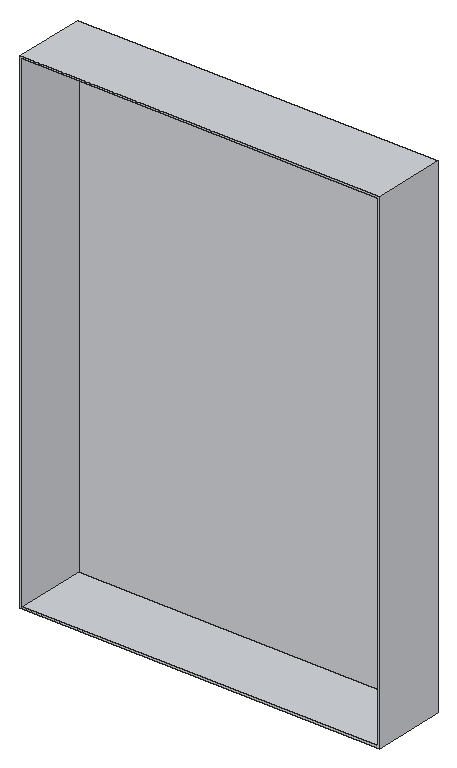
Revit family "Univers-IP44-empty-Surface_mounted-NoHosted-CH-en", category Electrical Equipment, Revit 2020
Family settings
  Panel Configuration = Two Columns, Circuits Across
  Round Connector Dimension = Use Diameter
  Part Type = Panelboard
  Work Plane-Based = Yes
  Always vertical = Yes
  Cut with Voids When Loaded = No
  Shared = No
  Room Calculation Point = No
Parameters (values of type "Surface mounted IP44 W800 H1100 D161 0 Modular spacings - FWB73D1")
  Width Control [instance] = if([HG000006 - Flush mounted], if([EF000846 - Built-in width] > min_whd, [EF000846 - Built-in width], min_whd), if([EF000008 - Width] > min_whd, ([EF000008 - Width]), min_whd))  # 800 mm
  Void Depth [instance] = if([EF000218 - Built-in depth] > 1 mm, [EF000218 - Built-in depth], 1 mm)  # 161 mm
  Type Comments = [HG000003 - Range]  # "Univers"
  System Height [instance] = Height Control - 2 * [HG000005 - Thickness]  # 1094 mm
  Panel Name [instance] = ""  # (empty or 0)
  Offset [instance] = 0 mm
  Model = [HG000004 - Manufacturer reference]  # "FWB73D1"
  Level Offset [instance] = [Flush Mounted - Door Frame Width] + Offset  # 0 mm
  HG000011 - Empty rows from bottom = no
  HG000005 - Thickness = 3 mm  # constant formula
  Description = ""
  Default Elevation = 1219.2 mm
  Arrow Offset [instance] = Depth Control / 8  # 20.125 mm
  Arrow Height [instance] = Depth Control - Arrow Offset  # 140.875 mm
  Host Offset [instance] = if([HG000006 - Flush mounted], 0 mm, [EF000049 - Depth])  # 161 mm
  min_whd [instance] = (2 * [HG000005 - Thickness]) + 1 mm  # 7 mm
  Manufacturer = "Hager"  # constant formula
  Height Control [instance] = if([HG000006 - Flush mounted], if([EF000332 - Built-in height] > min_whd, [EF000332 - Built-in height], min_whd), if([EF000040 - Height] > min_whd, ([EF000040 - Height]), min_whd))  # 1100 mm
  HG000010 - Asymmetric doors = no
  HG000009 - Double swing door = no
  HG000008 - Number of empty rows = 0
  HG000007 - Number of empty columns = 0
  HG000006 - Flush mounted = no
  HG000004 - Manufacturer reference = "FWB73D1"
  HG000003 - Range = "Univers"
  HG000002 - With door or cover = no
  HG000001 - Number of columns = 0
  Flush Mounted - Door Frame Width [instance] = if(([EF000040 - Height] - [EF000332 - Built-in height]) > 0 mm, if([HG000006 - Flush mounted], [EF000040 - Height] - [EF000332 - Built-in height], 0 mm), 0 mm)  # 0 mm
  EF015941 - Signal passing door = no
  EF015777 - Neutral terminal block = no
  EF015776 - Earthing terminal block = no
  EF009212 - Cover model = "EV009916 - With notch"
  EF006306 - With lock = no
  EF006244 - Transparent cover/door = no
  EF005474 - Degree of protection (IP) = "EV006418 - IP44"
  EF004462 - Type of closure = "EV000154 - Other"
  EF002950 - Width in number of modular spacings = 0
  EF001596 - Material housing = "EV000179 - Steel"
  EF001134 - DIN-rail = no
  EF001131 - Internal depth = 160 mm
  EF001088 - Extension possible = no
  EF001062 - EMC-version = no
  EF000846 - Built-in width = 800 mm
  EF000339 - Type of cover = "EV000494 - None"
  EF000332 - Built-in height = 1100 mm
  EF000266 - Number of rows = 0
  EF000218 - Built-in depth = 161 mm
  EF000118 - With mounting plate = no
  EF000116 - RAL-number = "9010"
  EF000049 - Depth = 161 mm
  EF000040 - Height = 1100 mm
  EF000008 - Width = 800 mm
  EF000007 - Colour = "EV000202 - White"
  EF000003 - Mounting method = "EV001247 - Surface mounted/recessed mounted"
  Door_Right [instance] = yes
  Door_Left [instance] = not(Door_Right)  # no
  Door Swing Angle [instance] = 45.00°
  Door 3d Visibility [instance] = yes
  Depth Control [instance] = if([HG000006 - Flush mounted], if([EF000218 - Built-in depth] > 0 mm, [EF000218 - Built-in depth], 1 mm), if([EF000049 - Depth] > 0 mm, ([EF000049 - Depth]), 1 mm))  # 161 mm
  Clearance Visibility [instance] = no
Reference planes
  plane 1 "Center (Front/Back)": y = 0
  plane 2: z = 0
  plane 3 "Center (Left/Right)": x = 0
  plane 4: y = 3
  plane 5: y = 0
  plane 6: y = 0
  plane 7: z = 0
  plane 8: x = -400
  plane 9: x = 400
  plane 10: x = 397
  plane 11: x = -397
  plane 12: z = 0
  plane 13: z = 3
  plane 14: y = -156
  plane 15: y = -161
  plane 16: y = -3
  plane 17: z = 1097
  plane 18: z = 1100
  plane 19: z = 550
  plane 20: x = 2000
  plane 21: x = 0
  plane 22: y = -2100
  plane 23: y = -100
Forms (mm)
  Extrusion 1, solid
    sketch origin (-208.679, -4572, 0) x (-1, 0, 0) y (0, -1, 0)
      loop
        line (191.321, -4411) -> (-608.679, -4411) -> (-608.679, -4572) -> (191.321, -4572) -> (191.321, -4411)
    from 0 to 1100 <- "Height Control"
  Extrusion 2, void
    sketch origin (-350.771, -161, 1219.2) x (1, 0, 0) y (0, 0, 1)
      loop
        line (-46.229, -122.2) -> (-46.229, -1216.2) -> (747.771, -1216.2) -> (747.771, -122.2) -> (-46.229, -122.2)
    from 0 to -158
  Extrusion 3, solid, detail levels coarse
    sketch origin (-350.771, -161, 1219.2) x (-1, 0, 0) y (0, 0, 1)
      loop
        line (46.229, -122.2) -> (-747.771, -122.2) -> (-747.771, -1216.2) -> (46.229, -1216.2) -> (46.229, -122.2)
    from 0 to 3 <- "HG000005 - Thickness"
Cuts and joins
  Extrusion 2 cuts Extrusion 1
Dimensions and locks
  "Flush Mounted - Door Frame Width": plane 1 "Center (Front/Back)" to plane 6
  "HG000005 - Thickness": plane 4 to plane 6
  "HG000005 - Thickness": plane 8 to plane 11
  "HG000005 - Thickness": plane 9 to plane 10
  equal spacing: plane 8, plane 3 "Center (Left/Right)", plane 9
  "Width Control": plane 8 to plane 9
  locked: plane 14 to plane 15 at 5
  "Host Offset": plane 1 "Center (Front/Back)" to plane 15
  "Depth Control": plane 5 to plane 15
  "HG000005 - Thickness": plane 5 to plane 16
  "HG000005 - Thickness": plane 13 to plane 12
  "Level Offset": plane 12 to level
  "HG000005 - Thickness": plane 18 to plane 17
  "Height Control": plane 18 to plane 12
  "Arrow Offset": plane 5 to nested 4
  equal spacing: plane 18, plane 19, plane 12
  locked: connector elem to plane 19
  locked: connector elem to plane 3 "Center (Left/Right)"
  locked: plane 3 "Center (Left/Right)" to plane 20 at 2000
  locked: plane 21 to plane 20 at 2000
  locked: plane 23 to plane 22 at 2000
  aligned and locked: nested 1 to plane 14
  aligned and locked: plane 3 "Center (Left/Right)" to nested 1
  aligned and locked: plane 3 "Center (Left/Right)" to nested 2
  aligned and locked: nested 2 to plane 15
  aligned and locked: Extrusion 1 to plane 5
  aligned and locked: Extrusion 3 sketch curve to plane 17
  aligned and locked: Extrusion 3 sketch curve to plane 11
  aligned and locked: Extrusion 3 sketch curve to plane 13
  aligned and locked: Extrusion 3 sketch curve to plane 10
  aligned and locked: Extrusion 2 sketch curve to plane 13
  aligned and locked: Extrusion 2 sketch curve to plane 10
  aligned and locked: Extrusion 2 sketch curve to plane 17
  aligned and locked: Extrusion 2 sketch curve to plane 11
  aligned and locked: plane 16 to Extrusion 2
  aligned and locked: Extrusion 1 sketch curve to plane 5
  aligned and locked: plane 9 to Extrusion 1 sketch curve
  aligned and locked: plane 8 to Extrusion 1 sketch curve
  aligned and locked: plane 8 to nested 4
  aligned and locked: plane 8 to nested 3
  aligned and locked: nested 3 to plane 5
  aligned and locked: Extrusion 1 sketch curve to plane 15
  aligned and locked: Extrusion 2 to plane 15
Nested families
  nested 1: "Hager_Enclosure_System" at (0, -156, 3), No_Columns <- "HG000001 - Number of columns", Flush_Mounted <- "HG000006 - Flush mounted", Width <- "EF000008 - Width", Height <- "System Height", Width_Control <- "Width Control", Row_Module_Multiplicator <- "EF002950 - Width in number of modular spacings", Empty_Columns <- "HG000007 - Number of empty columns", No_Rows <- "EF000266 - Number of rows", Built-in_Width <- "EF000846 - Built-in width", Border <- "HG000005 - Thickness", Total_No_Empty_Rows <- "HG000008 - Number of empty rows", Depth <- "HG000005 - Thickness", Empty_Rows_From_Bottom <- "HG000011 - Empty rows from bottom", type "Hager_Enclosure_System", detail levels medium+fine
    with Width_Control 800 mm, Width 800 mm, Total_No_Rows 0, Total_No_Empty_Rows 0, Total_No_Columns 1, System_Width 794 mm, Rows_Column 0, Row_Module_Multiplicator 0, Panel_4 no, Panel_3 no, Panel_2 no, Panel_1 no, No_Rows 0, No_Panels_Ctrl 1, No_Columns 0, Hide_Columns yes, Height 1094 mm, Flush_Mounted no, Empty_Rows_From_Bottom no, Empty_Rows_Column 0, Empty_Columns 0, Depth 3 mm, Column_Width 794 mm, Built-in_Width 800 mm, Border 3 mm
  nested 2: "Hager_Enclosure_Door" at (0, -161, 0), Double <- "HG000009 - Double swing door", Height_Ctrl <- "Height Control", Transparent <- "EF006244 - Transparent cover/door", Depth <- "EF000049 - Depth", Height <- "EF000040 - Height", Angle <- "Door Swing Angle", Door_Right <- "Door_Right", Assymetrical <- "HG000010 - Asymmetric doors", Flush_Mounted <- "HG000006 - Flush mounted", BuiltIn_Depth <- "EF000218 - Built-in depth", BuiltIn_Width <- "EF000846 - Built-in width", Door <- "HG000002 - With door or cover", Width_Ctrl <- "Width Control", 3d_Door <- "Door 3d Visibility", Width <- "EF000008 - Width", Border <- "HG000005 - Thickness", BuiltIn_Height <- "EF000332 - Built-in height", Clearance <- "Clearance Visibility", Door_Left <- "Door_Left", type "Hager_Enclosure_Door", detail levels medium+fine
    with min_wh 7 mm, Width_Ctrl 800 mm, Width 800 mm, Transparent no, Leaf_Width 791 mm, Leaf_Tolerance 1.5 mm, Leaf_Height 1091 mm, Leaf_2_Width 791 mm, Leaf_2_Offset 395.5 mm, Leaf_1_Width 791 mm, Leaf_1_Offset 395.5 mm, Height_Ctrl 1100 mm, Height 1100 mm, Frame_Width_Ctrl 1 mm, Frame_Width 0 mm, Frame_Internal_Offset 0 mm, Frame_Height_Ctrl 1 mm, Frame_Height 0 mm, Frame_Depth_Ctrl 1 mm, Frame_Depth 0 mm, Flush_Mounted no, Double_Clearance_Ctrl no, Double no, Door_Right_Ctrl no, Door_Right yes, Door_Left_Ctrl no, Door_Left no, Door no, Depth 161 mm, Clearance_Depth 791 mm, Clearance_Ctrl no, Clearance no, BuiltIn_Width 800 mm, BuiltIn_Height 1100 mm, BuiltIn_Depth 161 mm, Border 3 mm, Assymetrical no, Angle 45.00°, 3d_Door yes
  nested 3: "Hager_Enclosure_Symbol_Triangle" at (-400, 0, 0), Depth <- "Depth Control", Width <- "Width Control", type "Hager_Enclosure_Symbol_Triangle"
    with Width_Ctrl 800 mm, Width 800 mm, Depth_Ctrl 161 mm, Depth 161 mm
  nested 4: "Hager_Enclosure_Symbol_Arrow" at (-400, -20.125, 0), Height <- "Arrow Height", type "Hager_Enclosure_Symbol_Arrow"
    with Width_Inside 10.566 mm, Width 126.788 mm, Height_Ctrl 140.875 mm, Height 140.875 mm
Connectors
  electrical at (0, 0, 550)
    settings: on plane 5, index 1, voltage 0 V, apparent load 0 VA, apparent load phase1 0 VA, apparent load phase2 0 VA, apparent load phase3 0 VA, power factor 1, load classification "Other", number of poles 1, system type 30, power factor state 1, is connector primary yes, connector utility no, sub classification motor no, connector description ""
Definition of nested family "Hager_Enclosure_Door"
  Parameters (values of type "Hager_Enclosure_Door")
    min_wh [instance] = (2 * Border) + 1 mm  # 11 mm
    Width_Ctrl [instance] = 400 mm
    Width [instance] = 500 mm
    Transparent [instance] = yes
    Leaf_Width [instance] = if((Width_Ctrl - 2 * Border - 2 * Leaf_Tolerance) > 0 mm, (Width_Ctrl - 2 * Border - 2 * Leaf_Tolerance), min_wh)  # 387 mm
    Leaf_Tolerance [instance] = 1.5 mm  # constant formula
    Leaf_Height [instance] = if((Height_Ctrl - 2 * Border - 2 * Leaf_Tolerance) > 0 mm, (Height_Ctrl - 2 * Border - 2 * Leaf_Tolerance), min_wh)  # 387 mm
    Leaf_2_Width [instance] = if(and(and(Double, Assymetrical), Door_Left), (Leaf_Width / 3) - (Leaf_Tolerance / 2), if(and(and(Double, Assymetrical), Door_Right), (Leaf_Width / 3) * 2 - (Leaf_Tolerance / 2), if(and(Double, not(Assymetrical)), (Leaf_Width / 2) - Leaf_Tolerance, Leaf_Width)))  # 192 mm
    Leaf_2_Offset [instance] = if(and(Double, Assymetrical), Leaf_2_Width / 2, if(and(Double, not(Assymetrical)), Leaf_Width / 4, Leaf_Width / 2))  # 96.75 mm
    Leaf_1_Width [instance] = if(and(and(Double, Assymetrical), Door_Right), (Leaf_Width / 3) - (Leaf_Tolerance / 2), if(and(and(Double, Assymetrical), Door_Left), (Width / 3) * 2 - (Leaf_Tolerance / 2), if(and(Double, not(Assymetrical)), (Leaf_Width / 2) - Leaf_Tolerance, Leaf_Width)))  # 192 mm
    Leaf_1_Offset [instance] = if(and(Double, Assymetrical), Leaf_1_Width / 2, if(and(Double, not(Assymetrical)), Leaf_Width / 4, Leaf_Width / 2))  # 96.75 mm
    Height_Ctrl [instance] = 400 mm
    Height [instance] = 500 mm
    Frame_Width_Ctrl [instance] = if(Frame_Width > 0 mm, Frame_Width, 1 mm)  # 1 mm
    Frame_Width [instance] = Width - BuiltIn_Width  # 0 mm
    Frame_Internal_Offset [instance] = if(Flush_Mounted, Border, 0 mm)  # 0 mm
    Frame_Height_Ctrl [instance] = if(Frame_Height > 0 mm, Frame_Height, 1 mm)  # 1 mm
    Frame_Height [instance] = Height - BuiltIn_Height  # 0 mm
    Frame_Depth_Ctrl [instance] = if(Frame_Depth > 0 mm, Frame_Depth, 1 mm)  # 1 mm
    Frame_Depth [instance] = if(Depth - BuiltIn_Depth > 0 mm, if(Flush_Mounted, Depth - BuiltIn_Depth, 0 mm), 0 mm)  # 0 mm
    Flush_Mounted [instance] = no
    Double_Clearance_Ctrl [instance] = and(Double, Clearance)  # yes
    Double [instance] = yes
    Door_Right_Ctrl [instance] = and(or(Door_Right, Double), Door)  # yes
    Door_Right [instance] = yes
    Door_Left_Ctrl [instance] = and(or(Door_Left, Double), Door)  # yes
    Door_Left [instance] = no
    Door [instance] = yes
    Depth [instance] = 500 mm
    Default Elevation = 1219.2 mm
    Clearance_Material = none
    Clearance_Depth [instance] = if(Leaf_1_Width > Leaf_2_Width, Leaf_1_Width, Leaf_2_Width)  # 192 mm
    Clearance_Ctrl [instance] = and(not(Double), Clearance)  # no
    Clearance [instance] = yes
    BuiltIn_Width [instance] = 500 mm
    BuiltIn_Height [instance] = 500 mm
    BuiltIn_Depth [instance] = 500 mm
    Border [instance] = 5 mm
    Assymetrical [instance] = no
    Angle [instance] = 65.00°
    3d_Door [instance] = yes
  Reference planes
    plane 1 "Center (Front/Back)": y = 0
    plane 2 "Bottom": z = 0
    plane 3 "Center (Left/Right)": x = 0
    plane 4: z = 400
    plane 5: x = -200
    plane 6: x = 200
    plane 7: z = 395
    plane 8: x = -195
    plane 9: z = 5
    plane 10: x = 195
    plane 11: y = 0
    plane 12: z = 6.5
    plane 13: x = -387
    plane 14: y = -192
    plane 15: x = 387
    plane 16: x = -96.75
    plane 17: x = 96.75
    plane 18: x = -193.5
    plane 19: x = 193.5
    plane 20: z = 393.5
  Forms (mm)
    Extrusion 1, solid, visible <- "Flush_Mounted"
      sketch origin (0, 0, 0) x (1, 0, 0) y (0, 0, 1)
        loop
          line (200, 0) -> (200, 400) -> (-200, 400) -> (-200, 0) -> (200, 0)
        loop
          line (-201, 401) -> (-201, -1) -> (201, -1) -> (201, 401) -> (-201, 401)
      from 0 to 1 <- "Frame_Depth_Ctrl"
    Extrusion 2, solid, material <- "Clearance_Material", visible <- "Double_Clearance_Ctrl"
      sketch origin (1200, 0, 0) x (1, 0, 0) y (0, 0, -1)
        loop
          line (-1587, -393.5) -> (-813, -393.5) -> (-813, 0) -> (-1587, 0) -> (-1587, -393.5)
      from 0 to -192
  Dimensions and locks
    equal spacing: plane 5, plane 3 "Center (Left/Right)", plane 6
    "Width_Ctrl": plane 5 to plane 6
    "Border": plane 5 to plane 8
    "Border": plane 6 to plane 10
    "Border": plane 9 to level
    "Border": plane 4 to plane 7
    "Height_Ctrl": plane 4 to level
    "Leaf_Tolerance": plane 12 to plane 9
    "Frame_Depth": plane 11 to plane 1 "Center (Front/Back)"
    "Frame_Width_Ctrl": plane 5 to Extrusion 1 sketch curve
    "Frame_Width_Ctrl": plane 6 to Extrusion 1 sketch curve
    "Frame_Width_Ctrl": Extrusion 1 sketch curve to plane 4
    "Frame_Width_Ctrl": plane 2 "Bottom" to Extrusion 1 sketch curve
    "Leaf_1_Offset": plane 18 to plane 16
    "Leaf_2_Offset": plane 17 to plane 19
    "Leaf_1_Width": plane 13 to plane 8
    "Leaf_2_Width": plane 10 to plane 15
    "Clearance_Depth": plane 14 to plane 1 "Center (Front/Back)"
    "Leaf_Tolerance": plane 8 to plane 18
    "Leaf_Tolerance": plane 19 to plane 10
    "Leaf_Tolerance": plane 7 to plane 20
    "Frame_Internal_Offset": plane 5 to Extrusion 1 sketch curve
    "Frame_Internal_Offset": Extrusion 1 sketch curve to plane 2 "Bottom"
    "Frame_Internal_Offset": plane 6 to Extrusion 1 sketch curve
    "Frame_Internal_Offset": plane 4 to Extrusion 1 sketch curve
    aligned and locked: level to plane 2 "Bottom"
    aligned and locked: nested 1 to plane 16
    aligned and locked: nested 2 to plane 17
    aligned and locked: Extrusion 2 to plane 13
    aligned and locked: plane 15 to Extrusion 2
    aligned and locked: Extrusion 2 to plane 14
    aligned and locked: plane 12 to nested 1
    aligned and locked: nested 2 to plane 12
    aligned and locked: Extrusion 2 to plane 11
    aligned and locked: plane 20 to Extrusion 2
    aligned and locked: nested 2 to plane 11
    aligned and locked: nested 1 to plane 11
  Automatic sketch dimensions
    Extrusion 2 sketch curve to level = 0 mm
    plane 5 to Extrusion 2 sketch curve = 187 mm
    plane 6 to Extrusion 2 sketch curve = 187 mm
    Extrusion 2 sketch curve to plane 4 = 6.5 mm
  Nested families
    nested 1: "Hager_Enclosure_Door_Leaf" at (-96.75, 0, 6.5), Width <- "Leaf_1_Width", visible <- "Door_Left_Ctrl", Leaf_Height <- "Leaf_Height", Angle <- "Angle", Depth <- "Border", 3d_Door <- "3d_Door", Transparent <- "Transparent", Clearance Material <- "Clearance_Material", Clearance <- "Clearance_Ctrl", type "Hager_Enclosure_Door_Leaf"
      with Width 192 mm, Transparent_Door_Border 25 mm, Transparent_Ctrl yes, Transparent yes, Standard no, Leaf_Height 387 mm, Glass_Offset 1 mm, Depth 5 mm, Clearance Material none, Clearance no, Angle_Ctrl 65.00°, Angle 65.00°, 3d_Door yes
    nested 2: "Hager_Enclosure_Door_Leaf" at (96.75, 0, 6.5) x (-1, 0, 0) z (0, 0, 1), Width <- "Leaf_2_Width", visible <- "Door_Right_Ctrl", Leaf_Height <- "Leaf_Height", Angle <- "Angle", Depth <- "Border", 3d_Door <- "3d_Door", Transparent <- "Transparent", Clearance Material <- "Clearance_Material", Clearance <- "Clearance_Ctrl", type "Hager_Enclosure_Door_Leaf"
      with Width 192 mm, Transparent_Door_Border 25 mm, Transparent_Ctrl yes, Transparent yes, Standard no, Leaf_Height 387 mm, Glass_Offset 1 mm, Depth 5 mm, Clearance Material none, Clearance no, Angle_Ctrl 65.00°, Angle 65.00°, 3d_Door yes
  Definition of nested family "Hager_Enclosure_Door_Leaf"
    Parameters (values of type "Hager_Enclosure_Door_Leaf")
      Width [instance] = 200 mm
      Transparent_Door_Border [instance] = 25 mm  # constant formula
      Transparent_Ctrl [instance] = and(Transparent, [3d_Door])  # yes
      Transparent [instance] = yes
      Standard [instance] = and(not(Transparent), [3d_Door])  # no
      Leaf_Height [instance] = 500 mm
      Glass_Offset [instance] = if((Depth - 10 mm) / 2 > 0 mm, (Depth - 10 mm) / 2, 1 mm)  # 1 mm
      Glass_Material = none
      Depth [instance] = 3 mm
      Default Elevation = 0 mm
      Clearance Material [instance] = none
      Clearance [instance] = no
      Angle_Ctrl [instance] = if(Angle > 170.00°, 170.00°, Angle)  # 163.00°
      Angle [instance] = 163.00°
      3d_Door [instance] = yes
    Reference planes
      plane 1 "Center (Front/Back)": y = 0
      plane 2: z = 0
      plane 3 "Center (Left/Right)": x = 0
      plane 4: y = 200
      plane 5: x = -100
      plane 6: x = 100
      plane 7: x = -300
      plane 8: z = 500
      plane 9: z = 25
      plane 10: z = 475
      plane 11: x = 75
      plane 12: x = -75
    Forms (mm)
      Extrusion 1, solid, material <- "Clearance Material", visible <- "Clearance"
        sketch origin (0, 0, 0) x (1, 0, 0) y (0, 0, 1)
          loop
            line (-300, 500) -> (-300, 0) -> (100, 0) -> (100, 500) -> (-300, 500)
        from 0 to -200
      Extrusion 2, solid, visible <- "Standard", detail levels fine
        sketch origin (-100, 0, 0) x (-0.956305, 0.292372, 0) y (-0.292372, -0.956305, 0)
          loop
            line (0, -3) -> (200, -3) -> (200, 0) -> (0, 0) -> (0, -3)
        from 0 to 500 <- "Leaf_Height"
      Extrusion 3, solid, visible <- "Transparent_Ctrl", detail levels fine
        sketch origin (-100, 0, 0) x (-0.956305, 0.292372, 0) y (-0.292372, -0.956305, 0)
          loop
            line (0, -3) -> (200, -3) -> (200, 0) -> (0, 0) -> (0, -3)
        from 0 to 500 <- "Leaf_Height"
      Extrusion 4, void, detail levels fine
        sketch origin (-100, 0, 0) x (-0.292372, -0.956305, 0) y (-0.956305, 0.292372, 0)
          loop
            line (0, 25) -> (0, 175) -> (-3, 175) -> (-3, 25) -> (0, 25)
        from -475 to -25
      Extrusion 5, solid, material <- "Glass_Material", visible <- "Transparent_Ctrl", detail levels fine
        sketch origin (-100, 0, 0) x (-0.956305, 0.292372, 0) y (-0.292372, -0.956305, 0)
          loop
            line (25, -1) -> (25, -2) -> (175, -2) -> (175, -1) -> (25, -1)
        from 25 to 475
    Cuts and joins
      Extrusion 4 cuts Extrusion 3
    Lines and regions (mm)
      symbolic lines
        curve 1: line (100, 0, 0) -> (-300, 0, 0)
        curve 2: arc (100, 0, 0) -> (-100, 200, 0) -> (-300, 0, 0) r 200
        curve 4: line (-100, 0, 0) -> (-291.261, 58.474, 0)
      reference lines
        curve 3: line (-100, 0, 0) -> (-291.261, 58.474, 0)
      symbolic lines, detail levels medium+fine
        curve 5: line (-291.261, 58.474, 0) -> (-290.384, 61.343, 0)
        curve 6: line (-290.384, 61.343, 0) -> (-99.123, 2.869, 0)
        curve 7: line (-99.123, 2.869, 0) -> (-100, 0, 0)
      symbolic lines, detail levels fine
        curve 8: line (-100, 0, 500) -> (100, 0, 500)
        curve 9: line (-100, 0, 0) -> (-100, 0, 500)
        curve 10: line (100, 0, 0) -> (-100, 0, 0)
        curve 11: line (100, 0, 500) -> (100, 0, 0)
      symbolic lines, visible <- "Transparent_Ctrl", detail levels fine
        curve 12: line (-75, 0, 475) -> (75, 0, 475)
        curve 13: line (-75, 0, 25) -> (-75, 0, 475)
        curve 14: line (75, 0, 25) -> (-75, 0, 25)
        curve 15: line (75, 0, 475) -> (75, 0, 25)
    Dimensions and locks
      "Width": plane 1 "Center (Front/Back)" to plane 4
      equal spacing: plane 5, plane 3 "Center (Left/Right)", plane 6
      "Width": plane 5 to plane 6
      "Width": plane 7 to plane 5
      "Leaf_Height": plane 8 to level
      "Depth": curve 6 to curve 3
      "Width": curve 5 to curve 3
      "Width": curve 3 to curve 3
      "Transparent_Door_Border": Extrusion 4 sketch curve to curve 7
      "Transparent_Door_Border": Extrusion 4 sketch curve to curve 5
      "Transparent_Door_Border": plane 8 to plane 10
      "Transparent_Door_Border": plane 9 to level
      "Glass_Offset": Extrusion 5 sketch curve to curve 4
      "Glass_Offset": Extrusion 5 sketch curve to curve 6
      "Transparent_Door_Border": Extrusion 5 sketch curve to curve 5
      "Transparent_Door_Border": Extrusion 5 sketch curve to curve 7
      "Transparent_Door_Border": plane 12 to plane 5
      "Transparent_Door_Border": plane 6 to plane 11
      "Angle_Ctrl": angle plane 1 "Center (Front/Back)" to curve 3
      aligned and locked: level to plane 2
      aligned and locked: Extrusion 1 to curve 1
      aligned and locked: plane 6 to Extrusion 1
      aligned and locked: plane 1 "Center (Front/Back)" to Extrusion 1
      aligned and locked: plane 4 to Extrusion 1
      aligned and locked: plane 8 to Extrusion 1
      aligned and locked: curve 4 to curve 3
      aligned and locked: Extrusion 2 sketch curve to curve 7
      aligned and locked: Extrusion 2 sketch curve to curve 6
      aligned and locked: Extrusion 2 sketch curve to curve 5
      aligned and locked: Extrusion 2 sketch curve to curve 3
      aligned and locked: curve 7 to Extrusion 3 sketch curve
      aligned and locked: Extrusion 3 sketch curve to curve 4
      aligned and locked: Extrusion 3 sketch curve to curve 6
      aligned and locked: Extrusion 3 sketch curve to curve 5
      aligned and locked: curve 4 to Extrusion 4 sketch curve
      aligned and locked: curve 6 to Extrusion 4 sketch curve
      aligned and locked: Extrusion 4 to plane 9
      aligned and locked: Extrusion 4 to plane 10
      aligned and locked: Extrusion 5 to plane 9
      aligned and locked: Extrusion 5 to plane 10
      aligned and locked: curve 8 to plane 8
      aligned and locked: plane 5 to curve 9
      aligned and locked: plane 2 to curve 10
      aligned and locked: curve 11 to plane 6
      aligned and locked: plane 10 to curve 12
      aligned and locked: plane 12 to curve 13
      aligned and locked: plane 9 to curve 14
      aligned and locked: plane 11 to curve 15
    Automatic sketch dimensions
      plane 1 "Center (Front/Back)" to curve 2 = 0 mm
      curve 2 to plane 5 = 0 mm
      Extrusion 1 sketch curve to level = 0 mm
      Extrusion 1 sketch curve to plane 7 = 0 mm
      Extrusion 1 sketch curve to plane 6 = 0 mm
      Extrusion 1 sketch curve to plane 8 = 0 mm
      plane 1 "Center (Front/Back)" to curve 3 = 0 mm
      curve 3 to plane 5 = 0 mm
      curve 7 to curve 3 = 0 mm
Definition of nested family "Hager_Enclosure_Symbol_Triangle"
  Parameters (values of type "Hager_Enclosure_Symbol_Triangle")
    Width_Ctrl [instance] = if(Width > 1 mm, Width, 1 mm)  # 498 mm
    Width [instance] = 498 mm
    Depth_Ctrl [instance] = if(Depth > 1 mm, Depth, 1 mm)  # 72 mm
    Depth [instance] = 72 mm
  Reference planes
    plane 1 "Centre (avant/arrière)": y = 0
    plane 2: z = 0
    plane 3 "Centre (gauche/droite)": x = 0
  Lines and regions (mm)
    Filled region 1, type "Solid_Black", in view "Niveau de réf."
      outline origin (0, 0, 0) x (1, 0, 0) y (0, 1, 0)
        loop
          line (0, 0) -> (498, 0) -> (498, 72) -> (0, 0)
    reference lines, in view "Niveau de réf."
      curve 1: line (-206.153, 72, 0) -> (1083.258, 72, 0)
      curve 2: line (498, 405.456, 0) -> (498, -517.619, 0)
  Dimensions and locks
    "Depth_Ctrl": plane 1 "Centre (avant/arrière)" to curve 1
    "Width_Ctrl": plane 3 "Centre (gauche/droite)" to curve 2
    aligned and locked: curve 1 to Filled region 1 sketch curve
    aligned and locked: Filled region 1 sketch curve to plane 1 "Centre (avant/arrière)"
    aligned and locked: curve 2 to Filled region 1 sketch curve
    aligned and locked: plane 3 "Centre (gauche/droite)" to Filled region 1 sketch curve
    aligned and locked: plane 1 "Centre (avant/arrière)" to Filled region 1 sketch curve
  Automatic sketch dimensions
    curve 1 to plane 3 "Centre (gauche/droite)" = 206.153 mm
    curve 2 to curve 1 = 585.258 mm
    plane 1 "Centre (avant/arrière)" to curve 2 = 517.619 mm
    curve 2 to plane 1 "Centre (avant/arrière)" = 405.456 mm
Definition of nested family "Hager_Enclosure_Symbol_Arrow"
  Parameters (values of type "Hager_Enclosure_Symbol_Arrow")
    Width_Inside [instance] = if(Width / 12 > 2 mm, Width / 12, 2 mm)  # 4.987 mm
    Width [instance] = if(Height_Ctrl * 0.9 > 2 mm, Height_Ctrl * 0.9, 2 mm)  # 59.85 mm
    Height_Ctrl [instance] = if(Height > 2 mm, Height, 2 mm)  # 66.5 mm
    Height [instance] = 66.5 mm
  Reference planes
    plane 1 "Centre (avant/arrière)": y = 0
    plane 2: z = 0
    plane 3 "Centre (gauche/droite)": x = 0
    plane 4: x = 59.85
    plane 5: y = 28.263
    plane 6: y = 38.238
    plane 7: y = 66.5
    plane 8: x = 29.925
    plane 9: y = 33.25
  Lines and regions (mm)
    Filled region 1, type "Solid_Black", in view "Niveau de réf."
      outline origin (0, 0, 0) x (1, 0, 0) y (0, 1, 0)
        loop
          line (59.85, 66.5) -> (37.929, 52.827) -> (51.846, 41.935) -> (59.85, 66.5)
    detail lines, in view "Niveau de réf."
      curve 1: line (0, 0, 0) -> (29.925, 38.238, 0)
      curve 2: line (29.925, 38.238, 0) -> (29.925, 28.263, 0)
      curve 3: line (29.925, 28.263, 0) -> (59.85, 66.5, 0)
  Dimensions and locks
    "Width": plane 3 "Centre (gauche/droite)" to plane 4
    "Height_Ctrl": plane 7 to plane 1 "Centre (avant/arrière)"
    equal spacing: plane 3 "Centre (gauche/droite)", plane 8, plane 4
    equal spacing: plane 7, plane 9, plane 1 "Centre (avant/arrière)"
    equal spacing: plane 6, plane 9, plane 5
    "Width_Inside": plane 6 to plane 9
    equal spacing: curve 3, Filled region 1 sketch curve, Filled region 1 sketch curve
    angle Filled region 1 sketch curve to curve 3 = 20.00°
    angle curve 3 to Filled region 1 sketch curve = 20.00°
    locked: curve 3 to Filled region 1 sketch curve (angle 90.00°)
  Automatic sketch dimensions
    plane 1 "Centre (avant/arrière)" to curve 1 = 0 mm
    curve 1 to plane 3 "Centre (gauche/droite)" = 0 mm
    curve 2 to plane 6 = 0 mm
    curve 3 to plane 8 = 0 mm
    curve 3 to plane 4 = 0 mm
    curve 2 to plane 5 = 0 mm
    curve 3 to plane 7 = 0 mm
    Filled region 1 sketch curve to plane 4 = 0 mm
    Filled region 1 sketch curve to plane 7 = 0 mm
